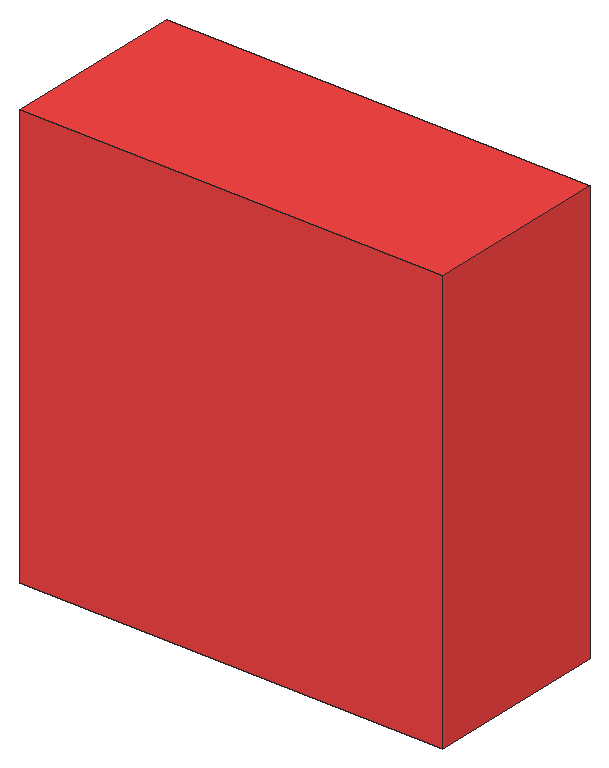
Revit family "EN54-7A40LCD Strømforsyning", category Electrical Equipment, Revit 2016
Family settings
  Part Type = Other Panel
  Round Connector Dimension = Use Diameter
  OmniClass Number = 23.85.30.21.11
  OmniClass Title = Fire Detection, Monitoring and Alarm
  Work Plane-Based = No
  Always vertical = Yes
  Cut with Voids When Loaded = No
  Shared = No
  Room Calculation Point = No
Parameters (values of type "Strømforsyning")
  Type Comments = "-XG"
  Panel Name [instance] = "542"
  NS8360 = "5422_WB3"
  Manufacturer = "Honeywell"
  Keynote = "WB3"
  CQFontSymboler = "t"
  CQ Width = 420 mm
  CQ Voltage = 230 V
  CQ Type tekst synlig = yes
  CQ Type = "7A"
  CQ Depth = 182 mm
  CQ Montering tekst synlig [instance] = no
  CQ Montering [instance] = "Vegg"
  CQ Material = Laminate, Red
  CQ Symbol Positive Direction [instance] = yes
  CQ Symbol Offset Side [instance] = 0 mm
  CQ Symbol Offset Out [instance] = 0 mm
  CQ Height = 420 mm
  CQ Font = 0 mm
  CQ Display = Laminate, Navy
  Assembly Code = "5422"
Reference planes
  plane 1 "Center (Front/Back)": y = 0
  plane 2: z = 0
  plane 3 "Center (Left/Right)": x = 0
  plane 4: z = 210
  plane 5: z = -210
  plane 6: x = -210
  plane 7: x = 210
  plane 8 "Front": y = 182
  plane 9: z = 190
  plane 10: y = 183
  plane 11: x = 100
Forms (mm)
  Extrusion 1, solid, material "Laminate, Red" <- "CQ Material"
    sketch origin (0, -130, 0) x (-1, 0, 0) y (0, 0, 1)
      loop
        line (210, 210) -> (-210, 210) -> (-210, -210) -> (210, -210) -> (210, 210)
    from 130 to 312
  Extrusion 2, solid, material "Laminate, Black"
    sketch origin (0, 182, 0) x (-1, 0, 0) y (0, 0, 1)
      loop
        line (0, 190) -> (-100, 190) -> (-100, 135) -> (0, 135) -> (0, 190)
    from 0 to 2
Lines and regions (mm)
  model lines, style "InvisibleLines"
    curve 1: line (0, 0, 0) -> (0, 0, 5)
  symbolic lines, style "InvisibleLines"
    curve 2: line (0, 182, 0) -> (0, 182, 635)
    curve 3: line (-210, 182, 0) -> (210, 182, 0)
    curve 4: line (210, 182, 0) -> (210, 0, 0)
    curve 5: line (-210, 0, 0) -> (-210, 182, 0)
Dimensions and locks
  equal spacing: plane 7, plane 3 "Center (Left/Right)", plane 6
  "CQ Width": plane 7 to plane 6
  equal spacing: plane 4, level, plane 5
  "CQ Height": plane 4 to plane 5
  "CQ Depth": plane 8 "Front" to plane 1 "Center (Front/Back)"
  locked: plane 4 to plane 9 at 20
  locked: plane 10 to plane 8 "Front" at 1
  locked: plane 7 to plane 11 at 110
  locked: plane 9 to Extrusion 2 sketch curve at 55
  aligned and locked: level to plane 2
  aligned and locked: plane 3 "Center (Left/Right)" to nested 1
  aligned and locked: plane 1 "Center (Front/Back)" to nested 1
  aligned and locked: Extrusion 1 sketch curve to plane 6
  aligned and locked: Extrusion 1 sketch curve to plane 5
  aligned and locked: plane 7 to Extrusion 1 sketch curve
  aligned and locked: plane 8 "Front" to Extrusion 1
  aligned and locked: plane 1 "Center (Front/Back)" to Extrusion 1
  aligned and locked: plane 3 "Center (Left/Right)" to curve 2
  aligned and locked: level to curve 2
  aligned and locked: curve 3 to plane 8 "Front"
  aligned and locked: plane 7 to Extrusion 1
  aligned and locked: Extrusion 1 to plane 6
  aligned and locked: Extrusion 2 sketch curve to plane 9
  aligned and locked: Extrusion 2 sketch curve to plane 11
  aligned and locked: plane 3 "Center (Left/Right)" to Extrusion 2 sketch curve
Automatic sketch dimensions
  curve 1 to plane 3 "Center (Left/Right)" = 0 mm
  curve 1 to level = 0 mm
  level to curve 1 = 5 mm
  Extrusion 1 sketch curve to plane 4 = 0 mm
  curve 5 to plane 6 = 0 mm
  plane 1 "Center (Front/Back)" to curve 4 = 0 mm
  curve 4 to plane 7 = 0 mm
  plane 1 "Center (Front/Back)" to curve 5 = 0 mm
  plane 4 to curve 2 = 425 mm
Nested families
  nested 1: "Brannalarmsentral Symbol" at (0, 0, 0), type "Type 1"
Connectors
  electrical at (0, 0, 0), driven by "CQ Voltage"
    settings: index 1, voltage 230 V, apparent load 0 VA, apparent load phase1 0 VA, apparent load phase2 0 VA, apparent load phase3 0 VA, power factor 1, load classification "Other", number of poles 1, system type 31, power factor state 1, is connector primary yes, connector utility no, sub classification motor no, connector description ""
  electrical at (0, 0, 0)
    settings: index 2, voltage 0 V, apparent load 0 VA, apparent load phase1 0 VA, apparent load phase2 0 VA, apparent load phase3 0 VA, power factor 1, load classification "Other", number of poles 1, system type 11, power factor state 1, is connector primary no, connector utility no, sub classification motor no, connector description ""
Definition of nested family "Brannalarmsentral Symbol"
  Parameters (values of type "Type 1")
    Type tekst synlig = yes
    Type = "BS"
    Montering tekst synlig = no
    Montering = "Vegg"
    CQ Symbol Positive Direction = yes
    CQ Symbol Negative Direction = not(CQ Symbol Positive Direction)  # no
    CQ Symbol Offset Side = 0 mm
    CQ Symbol Offset Out = 0 mm
  Reference planes
    plane 1: y = 0
    plane 2: x = 0
  Dimensions and locks
    "CQ Symbol Offset Side": nested 2 to plane 2
    "CQ Symbol Offset Side": plane 2 to nested 1
    "CQ Symbol Offset Out": plane 1 to nested 1
    "CQ Symbol Offset Out": plane 1 to nested 2
  Nested families
    nested 1: "Brannalarmsentral" at (0, 0, 0), visible <- "CQ Symbol Positive Direction", type "Type1"
    nested 2: "Brannalarmsentral" at (0, 0, 0), visible <- "CQ Symbol Negative Direction", type "Type1"
  Definition of nested family "Brannalarmsentral"
    Parameters (values of type "Type1")
      Type tekst synlig = yes
      Type = "BS"
      Montering tekst synlig = no
      Montering = "Vegg"
    Reference planes
      plane 1: y = 0
      plane 2: x = 0
    Lines and regions (mm)
      detail lines
        curve 1: line (-2.5, 2, 0) -> (2.5, 2, 0)
        curve 2: line (2.5, 2, 0) -> (2.5, 7, 0)
        curve 3: line (2.5, 7, 0) -> (-2.5, 7, 0)
        curve 4: line (-2.5, 7, 0) -> (-2.5, 2, 0)
        curve 5: circle (-1.25, 3, 0) r 0.25 normal (0, 0, 1)
        curve 6: line (-1.25, 3.75, 0) -> (-1, 6, 0)
        curve 7: arc (-1, 6, 0) -> (-1.25, 6.25, 0) -> (-1.5, 6, 0) r 0.25
        curve 8: line (-1.5, 6, 0) -> (-1.25, 3.75, 0)
        curve 9: line (-1.25, 5, 0) -> (-1.25, 6, 0)
      detail lines, visible <- "Type tekst synlig"
        curve 10: line (-2.5, 0, 0) -> (2.5, 0, 0)
        curve 11: line (-2.5, 0, 0) -> (-2.5, 2, 0)
        curve 12: line (2.5, 0, 0) -> (2.5, 2, 0)
    Nested families
      nested 1: "txt 1_50" at (3.379, 6.924, 0), visible <- "Montering tekst synlig", Type Name <- "Montering", type "txt"
        with Type Name "Vegg"
      nested 2: "txt 1_50" at (-1.949, 0.863, 0), visible <- "Type tekst synlig", Type Name <- "Type", type "txt"
        with Type Name "BS"
    Definition of nested family "txt 1_50"
      Parameters (values of type "txt")
        Type Name [instance] = "HIM"
      Reference planes
        plane 1: y = 0
        plane 2: x = 0
      Text (mm)
        label "TXT" at (1.952, 0, 0), shows "Type Name"
